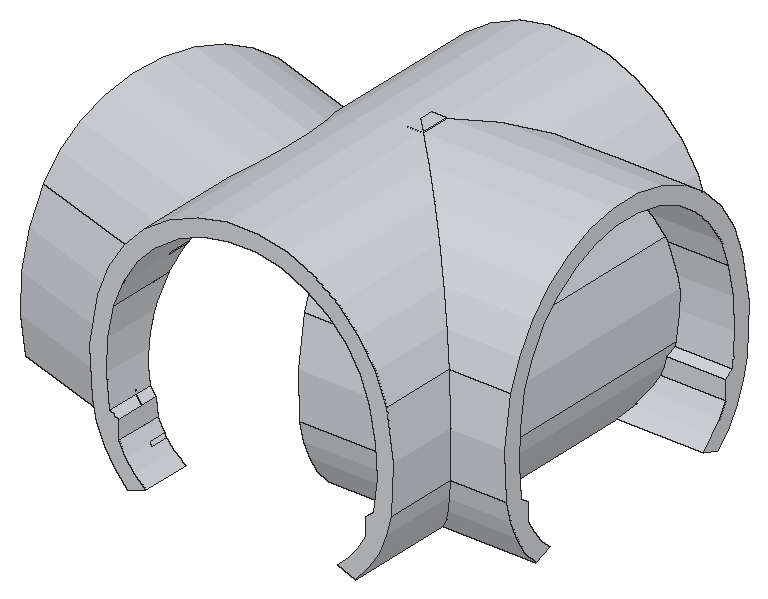
Revit family "autodeskforum", category Generic Models, Revit 2022
Family settings
  Can host rebar = No
  Round Connector Dimension = Use Diameter
  Part Type = Normal
  Work Plane-Based = No
  Always vertical = Yes
  Cut with Voids When Loaded = Yes
  Maintain Annotation Orientation = No
  Shared = No
  Room Calculation Point = No
Parameters
  Default Elevation = 0 mm
Reference planes
  plane 1 "Center (Front/Back)": y = 0
  plane 2: z = 0
  plane 3 "Center (Left/Right)": x = 0
Forms (mm)
  SweptBlend 1, solid
    path origin (0, 0, 0) x (1, 0, 0) y (0, 1, 0)
      loop
        line (-5773.449, 40.111) -> (0, -1835.796)
    profile "b3.2-kemer : b3.2-kemer" origin (-5773.449, 40.111, 0) x (0.309017, 0.951057, 0) y (0, 0, 1)
      loop
        arc (3011.156, 3250.769) -> (0, 5152.184) -> (-3011.156, 3250.769) r 3335
        arc (-3011.156, 3250.769) -> (-3512.427, 1510.493) -> (-3426.747, -298.511) r 5550
        line (-3426.747, -298.511) -> (-3035.637, -214.651)
        arc (-3035.637, -214.651) -> (-3115.141, 1463.974) -> (-2649.997, 3078.825) r 5150
        arc (-2649.997, 3078.825) -> (0, 4752.184) -> (2649.997, 3078.825) r 2935
        arc (2649.997, 3078.825) -> (3115.141, 1463.974) -> (3035.637, -214.651) r 5150
        line (3035.637, -214.651) -> (3426.747, -298.511)
        arc (3426.747, -298.511) -> (3512.427, 1510.493) -> (3011.156, 3250.769) r 5550
    end profile "b3.2-kemer : b3.2-kemer" origin (0, -1835.796, 0) x (0.309017, 0.951057, 0) y (0, 0, 1)
      loop
        arc (3011.156, 3250.769) -> (0, 5152.184) -> (-3011.156, 3250.769) r 3335
        arc (-3011.156, 3250.769) -> (-3512.427, 1510.493) -> (-3426.747, -298.511) r 5550
        line (-3426.747, -298.511) -> (-3035.637, -214.651)
        arc (-3035.637, -214.651) -> (-3115.141, 1463.974) -> (-2649.997, 3078.825) r 5150
        arc (-2649.997, 3078.825) -> (0, 4752.184) -> (2649.997, 3078.825) r 2935
        arc (2649.997, 3078.825) -> (3115.141, 1463.974) -> (3035.637, -214.651) r 5150
        line (3035.637, -214.651) -> (3426.747, -298.511)
        arc (3426.747, -298.511) -> (3512.427, 1510.493) -> (3011.156, 3250.769) r 5550
  SweptBlend 2, solid
    path origin (0, 0, 0) x (1, 0, 0) y (0, 1, 0)
      loop
        line (0, 4300.008) -> (0, -5299.992)
    profile "b1-kemer : b1-kemer" origin (0, 4300.008, 0) x (1, 0, 0) y (0, 0, 1)
      loop
        arc (-3443.981, 3111.911) -> (-3626.611, 1978.668) -> (-3570.093, 832.195) r 5501.115
        arc (-3570.093, 832.195) -> (-3280.751, -60.203) -> (-2721.442, -813.374) r 2897.39
        line (-2721.442, -813.374) -> (-2293.194, -660)
        arc (-2293.194, -660) -> (-2665.41, -280.124) -> (-2948.751, 169.952) r 2497.474
        line (-2948.751, 169.952) -> (-2948.751, 600) -> (-3150.752, 751.501)
        arc (-3150.752, 751.501) -> (-3230.676, 1885.017) -> (-3057.685, 3008.101) r 5101.115
        arc (-3057.685, 3008.101) -> (0.017, 5357.322) -> (3057.694, 3008.069) r 3164.513
        arc (3057.694, 3008.069) -> (3230.778, 1884.934) -> (3150.699, 751.366) r 5096.68
        line (3150.699, 751.366) -> (2948.877, 600) -> (2948.877, 170.175)
        arc (2948.877, 170.175) -> (2665.509, -280.031) -> (2293.217, -660.008) r 2497.39
        line (2293.217, -660.008) -> (2721.428, -813.388)
        arc (2721.428, -813.388) -> (3280.747, -60.212) -> (3570.093, 832.195) r 2897.39
        arc (3570.093, 832.195) -> (3626.71, 1978.674) -> (3443.981, 3111.911) r 5496.68
        arc (3443.981, 3111.911) -> (0, 5757.322) -> (-3443.981, 3111.911) r 3564.513
    end profile "b1-kemer : b1-kemer" origin (0, -5299.992, 0) x (1, 0, 0) y (0, 0, 1)
      loop
        arc (-3443.981, 3111.911) -> (-3626.611, 1978.668) -> (-3570.093, 832.195) r 5501.115
        arc (-3570.093, 832.195) -> (-3280.751, -60.203) -> (-2721.442, -813.374) r 2897.39
        line (-2721.442, -813.374) -> (-2293.194, -660)
        arc (-2293.194, -660) -> (-2665.41, -280.124) -> (-2948.751, 169.952) r 2497.474
        line (-2948.751, 169.952) -> (-2948.751, 600) -> (-3150.752, 751.501)
        arc (-3150.752, 751.501) -> (-3230.676, 1885.017) -> (-3057.685, 3008.101) r 5101.115
        arc (-3057.685, 3008.101) -> (0.017, 5357.322) -> (3057.694, 3008.069) r 3164.513
        arc (3057.694, 3008.069) -> (3230.778, 1884.934) -> (3150.699, 751.366) r 5096.68
        line (3150.699, 751.366) -> (2948.877, 600) -> (2948.877, 170.175)
        arc (2948.877, 170.175) -> (2665.509, -280.031) -> (2293.217, -660.008) r 2497.39
        line (2293.217, -660.008) -> (2721.428, -813.388)
        arc (2721.428, -813.388) -> (3280.747, -60.212) -> (3570.093, 832.195) r 2897.39
        arc (3570.093, 832.195) -> (3626.71, 1978.674) -> (3443.981, 3111.911) r 5496.68
        arc (3443.981, 3111.911) -> (0, 5757.322) -> (-3443.981, 3111.911) r 3564.513
  SweptBlend 3, solid
    path origin (2.5, 0, 0) x (1, 0, 0) y (0, 1, 0)
      loop
        line (4934.984, 0) -> (0, 0)
    profile "b1-kemer : b1-kemer" origin (4937.484, 0, 0) x (0, -1, 0) y (0, 0, 1)
      loop
        arc (-3443.981, 3111.911) -> (-3626.611, 1978.668) -> (-3570.093, 832.195) r 5501.115
        arc (-3570.093, 832.195) -> (-3280.751, -60.203) -> (-2721.442, -813.374) r 2897.39
        line (-2721.442, -813.374) -> (-2293.194, -660)
        arc (-2293.194, -660) -> (-2665.41, -280.124) -> (-2948.751, 169.952) r 2497.474
        line (-2948.751, 169.952) -> (-2948.751, 600) -> (-3150.752, 751.501)
        arc (-3150.752, 751.501) -> (-3230.676, 1885.017) -> (-3057.685, 3008.101) r 5101.115
        arc (-3057.685, 3008.101) -> (0.017, 5357.322) -> (3057.694, 3008.069) r 3164.513
        arc (3057.694, 3008.069) -> (3230.778, 1884.934) -> (3150.699, 751.366) r 5096.68
        line (3150.699, 751.366) -> (2948.877, 600) -> (2948.877, 170.175)
        arc (2948.877, 170.175) -> (2665.509, -280.031) -> (2293.217, -660.008) r 2497.39
        line (2293.217, -660.008) -> (2721.428, -813.388)
        arc (2721.428, -813.388) -> (3280.747, -60.212) -> (3570.093, 832.195) r 2897.39
        arc (3570.093, 832.195) -> (3626.71, 1978.674) -> (3443.981, 3111.911) r 5496.68
        arc (3443.981, 3111.911) -> (0, 5757.322) -> (-3443.981, 3111.911) r 3564.513
    end profile "b1-kemer : b1-kemer" origin (2.5, 0, 0) x (0, -1, 0) y (0, 0, 1)
      loop
        arc (-3443.981, 3111.911) -> (-3626.611, 1978.668) -> (-3570.093, 832.195) r 5501.115
        arc (-3570.093, 832.195) -> (-3280.751, -60.203) -> (-2721.442, -813.374) r 2897.39
        line (-2721.442, -813.374) -> (-2293.194, -660)
        arc (-2293.194, -660) -> (-2665.41, -280.124) -> (-2948.751, 169.952) r 2497.474
        line (-2948.751, 169.952) -> (-2948.751, 600) -> (-3150.752, 751.501)
        arc (-3150.752, 751.501) -> (-3230.676, 1885.017) -> (-3057.685, 3008.101) r 5101.115
        arc (-3057.685, 3008.101) -> (0.017, 5357.322) -> (3057.694, 3008.069) r 3164.513
        arc (3057.694, 3008.069) -> (3230.778, 1884.934) -> (3150.699, 751.366) r 5096.68
        line (3150.699, 751.366) -> (2948.877, 600) -> (2948.877, 170.175)
        arc (2948.877, 170.175) -> (2665.509, -280.031) -> (2293.217, -660.008) r 2497.39
        line (2293.217, -660.008) -> (2721.428, -813.388)
        arc (2721.428, -813.388) -> (3280.747, -60.212) -> (3570.093, 832.195) r 2897.39
        arc (3570.093, 832.195) -> (3626.71, 1978.674) -> (3443.981, 3111.911) r 5496.68
        arc (3443.981, 3111.911) -> (0, 5757.322) -> (-3443.981, 3111.911) r 3564.513
  Sweep 4, void
    path origin (0, 0, 0) x (1, 0, 0) y (0, 1, 0)
      loop
        line (0, 4300.008) -> (0, -5299.992)
    profile "b1-void : b1-void" origin (0, -499.992, 0) x (1, 0, 0) y (0, 0, 1)
      loop
        arc (3057.694, 3008.069) -> (0.017, 5357.322) -> (-3057.685, 3008.101) r 3164.513
        arc (-3057.685, 3008.101) -> (-3230.676, 1885.017) -> (-3150.752, 751.501) r 5101.115
        line (-3150.752, 751.501) -> (-2948.751, 600) -> (-2948.751, 169.952)
        arc (-2948.751, 169.952) -> (-2313.469, -643.123) -> (-1403.73, -1130) r 2497.474
        line (-1403.73, -1130) -> (1403.759, -1130)
        arc (1403.759, -1130) -> (2313.591, -643.047) -> (2948.877, 170.175) r 2497.39
        line (2948.877, 170.175) -> (2948.877, 600) -> (3150.699, 751.366)
        arc (3150.699, 751.366) -> (3230.778, 1884.934) -> (3057.694, 3008.069) r 5096.68
  Sweep 5, void
    path origin (2.5, 0, 0) x (1, 0, 0) y (0, 1, 0)
      loop
        line (-5773.449, 40.111) -> (0, -1835.796)
    profile "b3.2-void : b3.2-void" origin (-2884.225, -897.843, 0) x (0.309017, 0.951057, 0) y (0, 0, 1)
      loop
        arc (2649.997, 3078.825) -> (0, 4752.184) -> (-2649.997, 3078.825) r 2935
        arc (-2649.997, 3078.825) -> (-3115.141, 1463.974) -> (-3035.637, -214.651) r 5150
        arc (-3035.637, -214.651) -> (-2640.216, -1024.904) -> (-1912.329, -1556.924) r 1875
        arc (-1912.329, -1556.924) -> (-1421.292, -1728.874) -> (-915.17, -1849.391) r 5050
        line (-915.17, -1849.391) -> (915.17, -1849.391)
        arc (915.17, -1849.391) -> (1421.292, -1728.874) -> (1912.329, -1556.924) r 5050
        arc (1912.329, -1556.924) -> (2640.216, -1024.904) -> (3035.637, -214.651) r 1875
        arc (3035.637, -214.651) -> (3115.141, 1463.974) -> (2649.997, 3078.825) r 5150
  Sweep 6, void
    path origin (0, 0, 0) x (1, 0, 0) y (0, 1, 0)
      loop
        line (4934.984, 0) -> (0, 0)
    profile "b1-void : b1-void" origin (2467.492, 0, 0) x (0, -1, 0) y (0, 0, 1)
      loop
        arc (3057.694, 3008.069) -> (0.017, 5357.322) -> (-3057.685, 3008.101) r 3164.513
        arc (-3057.685, 3008.101) -> (-3230.676, 1885.017) -> (-3150.752, 751.501) r 5101.115
        line (-3150.752, 751.501) -> (-2948.751, 600) -> (-2948.751, 169.952)
        arc (-2948.751, 169.952) -> (-2313.469, -643.123) -> (-1403.73, -1130) r 2497.474
        line (-1403.73, -1130) -> (1403.759, -1130)
        arc (1403.759, -1130) -> (2313.591, -643.047) -> (2948.877, 170.175) r 2497.39
        line (2948.877, 170.175) -> (2948.877, 600) -> (3150.699, 751.366)
        arc (3150.699, 751.366) -> (3230.778, 1884.934) -> (3057.694, 3008.069) r 5096.68
Cuts and joins
  Sweep 4 cuts SweptBlend 1
  Sweep 4, Sweep 5 cuts SweptBlend 2
  Sweep 5 cuts SweptBlend 3
Dimensions and locks
  aligned and locked: level to plane 2
